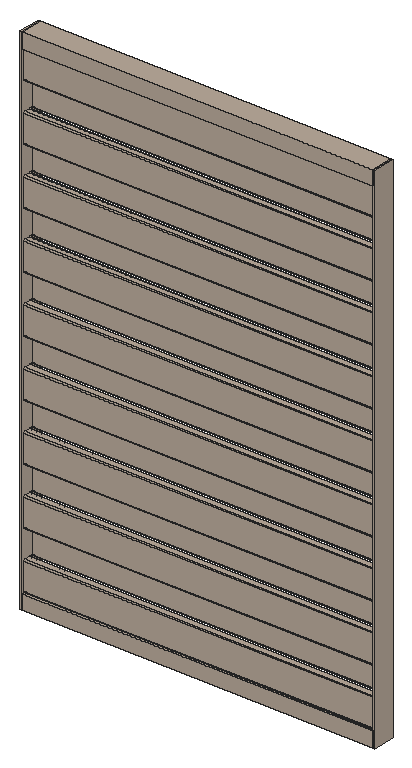
Revit family "Palmshield-Palisade-Horizon-Panel", category Specialty Equipment, Revit 2026
Family settings
  Round Connector Dimension = Use Diameter
  Part Type = Normal
  Classification Number = 23.55.00.00
  Work Plane-Based = No
  Enable Cutting in Views = No
  Always vertical = No
  Cut with Voids When Loaded = No
  Maintain Annotation Orientation = No
  Shared = No
  Room Calculation Point = No
Parameters (values of type "Assembly")
  Width [instance] = if(Desired Overall Width < C Min Width, C Min Width, if(Desired Overall Width > C Max Width, C Max Width, Desired Overall Width))  # 4' - 0"
  Warranty URL = "https://palmshieldlouvers.com/wp-content/uploads/2020/01/PalmSHIELD-Warranty-NO-SIGN-LINE.pdf"
  Version = "2020 - v1.0a"  # constant formula
  URL = "https://palmshieldlouvers.com/"
  Product Page URL = "https://palmshieldlouvers.com/products/palisade-horizon/"
  Product Documentation Link = "https://palmshieldlouvers.com/wp-content/uploads/2022/01/Palisade-Horizon-Industrial-Alternating-Technical-Data-Sheet.pdf"
  Offset From Surface = 0' - 2"  # constant formula
  Model = "Palisade Horizon"  # constant formula
  Material = Metal - PalmSHIELD - Dusty Grey
  Manufacturer Phone Number = "531-329-4406 "  # constant formula
  Manufacturer Email = "mailto: info@palmshieldlouvers.com"
  Manufacturer Address = "12330 Cary Circle, La Vista, NE 68128"  # constant formula
  Manufacturer = "PalmSHIELD"  # constant formula
  Louver Finish = Metal - PalmSHIELD - Grey Beige
  Keynote = "05 10 00"
  Instruction Sheet Link = "http://palmshieldlouvers.com/wp-content/uploads/2020/01/PalmSHIELD-Post-Panel-Gate-Installation-Instructions-REV-1.pdf"
  ID [instance] = "Not Assigned"
  Height [instance] = if(Desired Overall Height < C Min Height, C Min Height, if(Desired Overall Height > C Max Height, C Max Height, Desired Overall Height))  # 6' - 0"
  Desired Overall Width [instance] = 4' - 0"
  Desired Overall Height [instance] = 6' - 0"
  C Desired Bottom Angle [instance] = 0.00°  # constant formula
  Description = "Palisade Horizon - Panel Assembly"  # constant formula
  Default Elevation = 0' - 0"
  Copyright = "Copyright ©2024 The American Fence Company and PalmSHIELD. All Rights Reserved."  # constant formula
  Component Vis [instance] = yes
  Component Name [instance] = "Palisade Horizon - Panel Assembly"  # constant formula
  C Min Width [instance] = 4' - 0"  # constant formula
  C Min Height [instance] = C Min Width  # 4' - 0"
  C Max Width [instance] = 5' - 0"  # constant formula
  C Max Height [instance] = 12' - 0"  # constant formula
  C Angle [instance] = if(C Desired Bottom Angle > 10.00°, 10.00°, if(C Desired Bottom Angle < -10.00°, -10.00°, C Desired Bottom Angle))  # 0.00°
  Assembly Code = "F1020100"
Reference planes (in)
  plane 1 "Center (Front/Back)": y = 0
  plane 2: z = 0
  plane 3 "Center (Left/Right)": x = 0
  plane 4: z = 72
  plane 5: x = 48
  plane 6: y = 3
  plane 7: y = 1.5
Lines and regions (in)
  reference lines
    curve 1: line (48, 0, 96.95698) -> (48, 0, -11)
    curve 2: line (-20.8931, 0, 72) -> (71.1069, 0, 72)
Dimensions and locks (in)
  "Desired Overall Height": curve 2 to level
  "Desired Overall Width": curve 1 to plane 3 "Center (Left/Right)"
  "Height": plane 4 to level
  "Width": plane 5 to plane 3 "Center (Left/Right)"
  equal spacing: plane 1 "Center (Front/Back)", plane 7, plane 6
  aligned and locked: plane 2 to level
Automatic sketch dimensions
  curve 2 to plane 3 "Center (Left/Right)" = 1' - 8.8931"
  plane 5 to curve 2 = 1' - 11.1069"
  curve 1 to level = 0' - 11"
  plane 4 to curve 1 = 2' - 0.95698"
Nested families (in)
  nested 1: "Panel-Palmshield-Assembly-Palisade-Horizon" at (0, 0, 0), Desired Overall Height <- "Desired Overall Height", Desired Overall Width <- "Desired Overall Width", ID <- "ID", Component Vis <- "Component Vis", type "Assembly"
    with Width 4' - 0", Louver Length 3' - 11 1/4", ID "Not Assigned", Height 6' - 0", Desired Overall Width 4' - 0", Desired Overall Height 6' - 0", Desired Bottom Angle 0.00°, Component Vis yes, Component Name "Palisade Horizon - Panel Assembly", C Top Post Length 4' - 0", C Straight Corner Angle 45.00°, C Slope Angle 0.00°, C Side Frame Width 0' - 0 7/8", C Side Adjustment 0' - 0", C Rib Thickness Bottom Offset 0' - 0", C Rib Bottom Side Offset 0' - 0", C Picket Width 3' - 11 1/2", C Picket Height 5' - 6", C Louver Offset 0' - 2", C Hip 4' - 0", C Frame Offset 0' - 0 3/8", C Corner Offset 0' - 3", C B-Side Post Length 6' - 0", C B-Side Angle 45.00°, C Angle 90.00°, C A-Side Post Length 6' - 0", C A-Side Angle 45.00°
  nested 2: "Nested-Cont_Alum-Palmshield-Palisade" at (0, 0, 72) x (0, 1, 0) z (1, 0, 0), type "CONT. ALUM FB 1/4" X 3""
    with Material Metal - PalmSHIELD - Grey Beige, Length 5' - 10", ID "Not Assigned", Component Name "Atlas - Left L-Frame"
  nested 3: "Nested-Cont_Alum-Palmshield-Palisade" at (48, 0, 2) x (0, 1, 0) z (-1, 0, 0), type "CONT. ALUM FB 1/4" X 3""
    with Material Metal - PalmSHIELD - Grey Beige, Length 5' - 10", ID "Not Assigned", Component Name "Atlas - Right L-Frame"
  nested 4: "Nested-Rect_Tube-Palmshield-Palisade" at (0.25, 3, 72) x (0, -1, 0) z (1, 0, 0), type "ALUM RECT TUBE 2" X 3" X 1/8""
    with Material Metal - PalmSHIELD - Grey Beige, Length 3' - 11 1/2", ID "", Component Name ""
  nested 5: "Nested-Rect_Tube-Palmshield-Palisade" at (0.25, 3, 4) x (0, -1, 0) z (1, 0, 0), type "ALUM RECT TUBE 2" X 3" X 1/8""
    with Material Metal - PalmSHIELD - Grey Beige, Length 3' - 11 1/2", ID "", Component Name ""
  nested 6: "Nested-Pickets-Palmshield-Palisade" at (47.75, 2.62221, 62.125) x (0, -1, 0) z (-1, 0, 0), type "ALUM RECT TUBE PICKETS 1" X 4" X 1/8""
    with Real Height 0' - 4", Material Metal - PalmSHIELD - Grey Beige, Length 3' - 11 1/2", ID "", Height 0' - 4", Desired Cut In Place 0' - 0 1/2", Cut In Place no, Component Vis yes, Component Name "", C Hole Offset 0' - 1 1/2"
  nested 7: "Nested-Pickets-Palmshield-Palisade" at (47.75, 1.24721, 58.25) x (0, -1, 0) z (-1, 0, 0), type "ALUM RECT TUBE PICKETS 1" X 4" X 1/8""
    with Real Height 0' - 4", Material Metal - PalmSHIELD - Grey Beige, Length 3' - 11 1/2", ID "", Height 0' - 4", Desired Cut In Place 0' - 0 1/2", Cut In Place no, Component Vis yes, Component Name "", C Hole Offset 0' - 1 1/2"
  nested 8: "Nested-Pickets-Palmshield-Palisade" at (47.75, 1.24721, 35) x (0, -1, 0) z (-1, 0, 0), type "ALUM RECT TUBE PICKETS 1" X 4" X 1/8""
    with Real Height 0' - 4", Material Metal - PalmSHIELD - Grey Beige, Length 3' - 11 1/2", ID "", Height 0' - 4", Desired Cut In Place 0' - 0 1/2", Cut In Place no, Component Vis yes, Component Name "", C Hole Offset 0' - 1 1/2"
  nested 9: "Nested-Pickets-Palmshield-Palisade" at (47.75, 2.62221, 38.875) x (0, -1, 0) z (-1, 0, 0), type "ALUM RECT TUBE PICKETS 1" X 4" X 1/8""
    with Real Height 0' - 4", Material Metal - PalmSHIELD - Grey Beige, Length 3' - 11 1/2", ID "", Height 0' - 4", Desired Cut In Place 0' - 0 1/2", Cut In Place no, Component Vis yes, Component Name "", C Hole Offset 0' - 1 1/2"
  nested 10: "Nested-Pickets-Palmshield-Palisade" at (47.75, 2.62221, 31.125) x (0, -1, 0) z (-1, 0, 0), type "ALUM RECT TUBE PICKETS 1" X 4" X 1/8""
    with Real Height 0' - 4", Material Metal - PalmSHIELD - Grey Beige, Length 3' - 11 1/2", ID "", Height 0' - 4", Desired Cut In Place 0' - 0 1/2", Cut In Place no, Component Vis yes, Component Name "", C Hole Offset 0' - 1 1/2"
  nested 11: "Nested-Pickets-Palmshield-Palisade" at (47.75, 1.24721, 27.25) x (0, -1, 0) z (-1, 0, 0), type "ALUM RECT TUBE PICKETS 1" X 4" X 1/8""
    with Real Height 0' - 4", Material Metal - PalmSHIELD - Grey Beige, Length 3' - 11 1/2", ID "", Height 0' - 4", Desired Cut In Place 0' - 0 1/2", Cut In Place no, Component Vis yes, Component Name "", C Hole Offset 0' - 1 1/2"
  nested 12: "Nested-Pickets-Palmshield-Palisade" at (47.75, 2.62221, 23.375) x (0, -1, 0) z (-1, 0, 0), type "ALUM RECT TUBE PICKETS 1" X 4" X 1/8""
    with Real Height 0' - 4", Material Metal - PalmSHIELD - Grey Beige, Length 3' - 11 1/2", ID "", Height 0' - 4", Desired Cut In Place 0' - 0 1/2", Cut In Place no, Component Vis yes, Component Name "", C Hole Offset 0' - 1 1/2"
  nested 13: "Nested-Pickets-Palmshield-Palisade" at (47.75, 1.24721, 19.5) x (0, -1, 0) z (-1, 0, 0), type "ALUM RECT TUBE PICKETS 1" X 4" X 1/8""
    with Real Height 0' - 4", Material Metal - PalmSHIELD - Grey Beige, Length 3' - 11 1/2", ID "", Height 0' - 4", Desired Cut In Place 0' - 0 1/2", Cut In Place no, Component Vis yes, Component Name "", C Hole Offset 0' - 1 1/2"
  nested 14: "Nested-Pickets-Palmshield-Palisade" at (47.75, 2.62221, 15.625) x (0, -1, 0) z (-1, 0, 0), type "ALUM RECT TUBE PICKETS 1" X 4" X 1/8""
    with Real Height 0' - 4", Material Metal - PalmSHIELD - Grey Beige, Length 3' - 11 1/2", ID "", Height 0' - 4", Desired Cut In Place 0' - 0 1/2", Cut In Place no, Component Vis yes, Component Name "", C Hole Offset 0' - 1 1/2"
  nested 15: "Nested-Pickets-Palmshield-Palisade" at (47.75, 1.24721, 11.75) x (0, -1, 0) z (-1, 0, 0), type "ALUM RECT TUBE PICKETS 1" X 4" X 1/8""
    with Real Height 0' - 4", Material Metal - PalmSHIELD - Grey Beige, Length 3' - 11 1/2", ID "", Height 0' - 4", Desired Cut In Place 0' - 0 1/2", Cut In Place no, Component Vis yes, Component Name "", C Hole Offset 0' - 1 1/2"
  nested 16: "Nested-Pickets-Palmshield-Palisade" at (47.75, 2.62221, 7.875) x (0, -1, 0) z (-1, 0, 0), type "ALUM RECT TUBE PICKETS 1" X 4" X 1/8""
    with Real Height 0' - 4", Material Metal - PalmSHIELD - Grey Beige, Length 3' - 11 1/2", ID "", Height 0' - 4", Desired Cut In Place 0' - 0 1/2", Cut In Place no, Component Vis yes, Component Name "", C Hole Offset 0' - 1 1/2"
  nested 17: "Nested-Pickets-Palmshield-Palisade" at (47.75, 1.24721, 4) x (0, -1, 0) z (-1, 0, 0), type "ALUM RECT TUBE PICKETS 1" X 4" X 1/8""
    with Real Height 0' - 4", Material Metal - PalmSHIELD - Grey Beige, Length 3' - 11 1/2", ID "", Height 0' - 4", Desired Cut In Place 0' - 4", Cut In Place yes, Component Vis yes, Component Name "", C Hole Offset 0' - 1 1/2"
  nested 18: "Nested-Pickets-Palmshield-Palisade" at (47.75, 1.24721, 50.5) x (0, -1, 0) z (-1, 0, 0), type "ALUM RECT TUBE PICKETS 1" X 4" X 1/8""
    with Real Height 0' - 4", Material Metal - PalmSHIELD - Grey Beige, Length 3' - 11 1/2", ID "", Height 0' - 4", Desired Cut In Place 0' - 0 1/2", Cut In Place no, Component Vis yes, Component Name "", C Hole Offset 0' - 1 1/2"
  nested 19: "Nested-Pickets-Palmshield-Palisade" at (47.75, 2.62221, 46.625) x (0, -1, 0) z (-1, 0, 0), type "ALUM RECT TUBE PICKETS 1" X 4" X 1/8""
    with Real Height 0' - 4", Material Metal - PalmSHIELD - Grey Beige, Length 3' - 11 1/2", ID "", Height 0' - 4", Desired Cut In Place 0' - 0 1/2", Cut In Place no, Component Vis yes, Component Name "", C Hole Offset 0' - 1 1/2"
  nested 20: "Nested-Pickets-Palmshield-Palisade" at (47.75, 1.24721, 42.75) x (0, -1, 0) z (-1, 0, 0), type "ALUM RECT TUBE PICKETS 1" X 4" X 1/8""
    with Real Height 0' - 4", Material Metal - PalmSHIELD - Grey Beige, Length 3' - 11 1/2", ID "", Height 0' - 4", Desired Cut In Place 0' - 0 1/2", Cut In Place no, Component Vis yes, Component Name "", C Hole Offset 0' - 1 1/2"
  nested 21: "Nested-Pickets-Palmshield-Palisade" at (47.75, 2.62221, 54.375) x (0, -1, 0) z (-1, 0, 0), type "ALUM RECT TUBE PICKETS 1" X 4" X 1/8""
    with Real Height 0' - 4", Material Metal - PalmSHIELD - Grey Beige, Length 3' - 11 1/2", ID "", Height 0' - 4", Desired Cut In Place 0' - 0 1/2", Cut In Place no, Component Vis yes, Component Name "", C Hole Offset 0' - 1 1/2"
  nested 22: "Nested-Pickets-Palmshield-Palisade" at (47.75, 1.24721, 70) x (0, -1, 0) z (-1, 0, 0), type "ALUM RECT TUBE PICKETS 1" X 4" X 1/8""
    with Real Height 0' - 4", Material Metal - PalmSHIELD - Grey Beige, Length 3' - 11 1/2", ID "", Height 0' - 4", Desired Cut In Place 0' - 4", Cut In Place yes, Component Vis yes, Component Name "", C Hole Offset 0' - 1 1/2"
Definition of nested family "Nested-Cont_Alum-Palmshield-Palisade"
  Parameters (values of type "CONT. ALUM FB 1/4" X 3"")
    Width = 0' - 3"  # constant formula
    Warranty URL = "https://palmshieldlouvers.com/wp-content/uploads/2020/01/PalmSHIELD-Warranty-NO-SIGN-LINE.pdf"
    Version = "2020 - v1.0a"  # constant formula
    URL = "https://palmshieldlouvers.com/"
    Thickness = 0' - 0 1/4"  # constant formula
    Product Page URL = "https://palmshieldlouvers.com/products/palisade-louvers/"
    Product Documentation Link = "https://palmshieldlouvers.com/cad-drawings/palisade-louvers/"
    Model = "Palisade"  # constant formula
    Material [instance] = none
    Manufacturer Phone Number = "531-329-4406 "  # constant formula
    Manufacturer Fax Number = "Consult Manufacturer Website for More Information"  # constant formula
    Manufacturer Email = "mailto: info@palmshieldlouvers.com"
    Manufacturer Address = "12330 Cary Circle, La Vista, NE 68128"  # constant formula
    Manufacturer = "PalmSHIELD"  # constant formula
    Length [instance] = 4' - 4.86713"
    Keynote = "05 10 00"
    ID [instance] = ""
    Height = 0' - 0 1/4"  # constant formula
    Description = "Palisade - Cont Alum"  # constant formula
    Default Elevation = 4' - 0"
    Copyright = "©2023 The American Fence Company and PalmSHIELD. All Rights Reserved."  # constant formula
    Component Name [instance] = ""
    Assembly Code = "F1020100"
  Reference planes (in)
    plane 1 "Center (Front/Back)": y = 0
    plane 2: z = 0
    plane 3 "Center (Left/Right)": x = 0
    plane 4: x = 3
    plane 5: y = -52.86713
    plane 6: z = 0.25
  Forms (in)
    Extrusion 1, solid
      sketch origin (0, 0, 0) x (1, 0, 0) y (0, 1, 0)
        loop
          line (-48, 48) -> (-48, -48) -> (48, -48) -> (48, 48) -> (-48, 48)
      from 0 to -12
    Sweep 2, solid, material <- "Material"
      path origin (0, 0, 0) x (0, 1, 0) y (0, 0, 1)
        loop
          line (0, 0) -> (-52.86713, 0)
      profile "Profile-Palmshield-Cont_Alum : CONT. ALUM FB 1/4" X 3"" origin (0, -26.43357, 0) x (0, 0, -1) y (1, 0, 0)
        loop
          line (0, 0) -> (0, 3) -> (-0.25, 3) -> (-0.25, 0) -> (0, 0)
  Dimensions and locks (in)
    "Width": plane 3 "Center (Left/Right)" to plane 4
    "Length": plane 1 "Center (Front/Back)" to plane 5
    "Height": plane 6 to plane 2
    aligned and locked: plane 2 to Extrusion 1
    aligned and locked: level to Extrusion 1
    aligned and locked: plane 1 "Center (Front/Back)" to Sweep 2 sketch curve
    aligned and locked: plane 5 to Sweep 2 sketch curve
  Automatic sketch dimensions
    Extrusion 1 sketch curve to Extrusion 1 sketch curve = 8' - 0"  (x2)
    Sweep 2 sketch curve to level = 0' - 0"
Definition of nested family "Nested-Rect_Tube-Palmshield-Palisade"
  Parameters (values of type "ALUM RECT TUBE 2" X 3" X 1/8"")
    Width = 0' - 3"  # constant formula
    Warranty URL = "https://palmshieldlouvers.com/wp-content/uploads/2020/01/PalmSHIELD-Warranty-NO-SIGN-LINE.pdf"
    Version = "2020 - v1.0a"  # constant formula
    URL = "https://palmshieldlouvers.com/"
    Thickness = 0' - 0 1/8"  # constant formula
    Product Page URL = "https://palmshieldlouvers.com/products/palisade-louvers/"
    Product Documentation Link = "https://palmshieldlouvers.com/cad-drawings/palisade-louvers/"
    Model = "Palisade"  # constant formula
    Material [instance] = none
    Manufacturer Phone Number = "531-329-4406 "  # constant formula
    Manufacturer Fax Number = "Consult Manufacturer Website for More Information"  # constant formula
    Manufacturer Email = "mailto: info@palmshieldlouvers.com"
    Manufacturer Address = "12330 Cary Circle, La Vista, NE 68128"  # constant formula
    Manufacturer = "PalmSHIELD"  # constant formula
    Length [instance] = 4' - 4.86713"
    Keynote = "05 10 00"
    ID [instance] = ""
    Height = 0' - 2"  # constant formula
    Description = "Palisade - Rect Tube"  # constant formula
    Default Elevation = 4' - 0"
    Copyright = "©2023 The American Fence Company and PalmSHIELD. All Rights Reserved."  # constant formula
    Component Name [instance] = ""
    C Hole Offset = 0' - 1 1/2"  # constant formula
    Assembly Code = "F1020100"
  Reference planes (in)
    plane 1 "Center (Front/Back)": y = 0
    plane 2: z = 0
    plane 3 "Center (Left/Right)": x = 0
    plane 4: z = 52.86713
    plane 5: y = 2
    plane 6: x = 3
    plane 7: x = 1.5
    plane 8: y = 1
  Forms (in)
    Extrusion 1, solid
      sketch origin (0, 0, 0) x (1, 0, 0) y (0, 1, 0)
        loop
          line (-48, 48) -> (-48, -48) -> (48, -48) -> (48, 48) -> (-48, 48)
      from 0 to -12
    Sweep 2, solid, material <- "Material"
      path origin (0, 0, 0) x (0, 1, 0) y (0, 0, 1)
        loop
          line (0, 0) -> (0, 52.86713)
      profile "Profile-Palmshield-Rect_Tube : ALUM RECT TUBE 2" X 3" X 1/8"" origin (0, 0, 26.43357) x (0, -1, 0) y (1, 0, 0)
        loop
          line (-1.875, 0.125) -> (-0.125, 0.125) -> (-0.125, 2.875) -> (-1.875, 2.875) -> (-1.875, 0.125)
        loop
          line (0, 0) -> (0, 3) -> (-2, 3) -> (-2, 0) -> (0, 0)
  Dimensions and locks (in)
    "Length": plane 4 to plane 2
    "Height": plane 5 to plane 1 "Center (Front/Back)"
    "Width": plane 3 "Center (Left/Right)" to plane 6
    equal spacing: plane 3 "Center (Left/Right)", plane 7, plane 6
    equal spacing: plane 1 "Center (Front/Back)", plane 8, plane 5
    aligned and locked: plane 2 to Extrusion 1
    aligned and locked: level to Extrusion 1
    aligned and locked: plane 1 "Center (Front/Back)" to Sweep 2 sketch curve
    aligned and locked: plane 4 to Sweep 2 sketch curve
  Automatic sketch dimensions
    Extrusion 1 sketch curve to Extrusion 1 sketch curve = 8' - 0"  (x2)
    Sweep 2 sketch curve to level = 0' - 0"
Definition of nested family "Nested-Pickets-Palmshield-Palisade"
  Parameters (values of type "ALUM RECT TUBE PICKETS 1" X 4" X 1/8"")
    Width = 0' - 1"  # constant formula
    Warranty URL = "https://palmshieldlouvers.com/wp-content/uploads/2020/01/PalmSHIELD-Warranty-NO-SIGN-LINE.pdf"
    Version = "2020 - v1.0a"  # constant formula
    URL = "https://palmshieldlouvers.com/"
    Thickness = 0' - 0 1/8"  # constant formula
    Product Page URL = "https://palmshieldlouvers.com/products/palisade-louvers/"
    Product Documentation Link = "https://palmshieldlouvers.com/cad-drawings/palisade-louvers/"
    Model = "Palisade"  # constant formula
    Material [instance] = none
    Manufacturer Phone Number = "531-329-4406 "  # constant formula
    Manufacturer Fax Number = "Consult Manufacturer Website for More Information"  # constant formula
    Manufacturer Email = "mailto: info@palmshieldlouvers.com"
    Manufacturer Address = "12330 Cary Circle, La Vista, NE 68128"  # constant formula
    Manufacturer = "PalmSHIELD"  # constant formula
    Length [instance] = 4' - 4.86713"
    Keynote = "05 10 00"
    ID [instance] = ""
    Height [instance] = Real Height  # 0' - 4"
    Desired Cut In Place [instance] = 0' - 2"
    Description = "Palisade - Pickets"  # constant formula
    Default Elevation = 4' - 0"
    Cut In Place [instance] = no
    Copyright = "©2023 The American Fence Company and PalmSHIELD. All Rights Reserved."  # constant formula
    Component Vis [instance] = yes
    Component Name [instance] = ""
    Real Height [instance] = if(and(Cut In Place, Desired Cut In Place < 0' 4", Desired Cut In Place > Thickness), Desired Cut In Place, 0' 4")  # 0' - 4"
    C Hole Offset [instance] = 0' - 1 1/2"  # constant formula
    Assembly Code = "F1020100"
  Reference planes (in)
    plane 1 "Center (Front/Back)": y = 0
    plane 2: z = 0
    plane 3 "Center (Left/Right)": x = 0
    plane 4: z = 52.86713
    plane 5: y = 4
    plane 6: x = 1
    plane 7: x = 0.5
    plane 8: y = 0
    plane 9: y = 2
  Forms (in)
    Extrusion 1, solid
      sketch origin (0, 0, 0) x (1, 0, 0) y (0, 1, 0)
        loop
          line (-48, 48) -> (-48, -48) -> (48, -48) -> (48, 48) -> (-48, 48)
      from 0 to -12
    Sweep 2, solid, material <- "Material", visible <- "Component Vis"
      path origin (0, 0, 0) x (0, 1, 0) y (0, 0, 1)
        loop
          line (0, 0) -> (0, 52.86713)
      profile "Profile-Palmshield-Louver : ALUM RECT TUBE PICKETS 1" X 4" X 1/8"" origin (0, 0, 26.43357) x (0, -1, 0) y (1, 0, 0)
        loop
          line (-3.875, 0.875) -> (-3.875, 0.125) -> (-0.125, 0.125) -> (-0.125, 0.875) -> (-3.875, 0.875)
        loop
          line (-0.125, 1) -> (-3.875, 1)
          arc (-3.875, 1) -> (-3.96339, 0.96339) -> (-4, 0.875) r 0.125
          line (-4, 0.875) -> (-4, 0.125)
          arc (-4, 0.125) -> (-3.96339, 0.03661) -> (-3.875, 0) r 0.125
          line (-3.875, 0) -> (-0.125, 0)
          arc (-0.125, 0) -> (-0.03661, 0.03661) -> (0, 0.125) r 0.125
          line (0, 0.125) -> (0, 0.875)
          arc (0, 0.875) -> (-0.03661, 0.96339) -> (-0.125, 1) r 0.125
    Extrusion 3, void
      sketch origin (0, 0, 0) x (1, 0, 0) y (0, 1, 0)
        loop
          line (1, -0.92114) -> (1, 0) -> (0, 0) -> (0, -0.92114) -> (1, -0.92114)
      from 0 to 52.86713
  Cuts and joins
    Extrusion 3 cuts Sweep 2
  Dimensions and locks (in)
    "Length": plane 4 to plane 2
    "Width": plane 3 "Center (Left/Right)" to plane 6
    equal spacing: plane 3 "Center (Left/Right)", plane 7, plane 6
    locked: Extrusion 3 sketch curve to plane 1 "Center (Front/Back)" at 0.92114
    locked: plane 1 "Center (Front/Back)" to plane 5 at 4
    "Real Height": plane 8 to plane 5
    locked: plane 9 to plane 5 at 2
    aligned and locked: plane 2 to Extrusion 1
    aligned and locked: level to Extrusion 1
    aligned and locked: plane 1 "Center (Front/Back)" to Sweep 2 sketch curve
    aligned and locked: plane 4 to Sweep 2 sketch curve
    aligned and locked: plane 6 to Extrusion 3 sketch curve
    aligned and locked: plane 3 "Center (Left/Right)" to Extrusion 3 sketch curve
    aligned and locked: Extrusion 3 to level
    aligned and locked: plane 4 to Extrusion 3
    aligned and locked: Extrusion 3 sketch curve to plane 8
  Automatic sketch dimensions
    Extrusion 1 sketch curve to Extrusion 1 sketch curve = 8' - 0"  (x2)
    Sweep 2 sketch curve to level = 0' - 0"
Definition of nested family "Panel-Palmshield-Assembly-Palisade-Horizon"
  Parameters (values of type "Assembly")
    Width [instance] = if(Desired Overall Width < 4' 0", 4' 0", if(Desired Overall Width > 5' 0", 5' 0", Desired Overall Width))  # 4' - 0"
    Warranty URL = "https://palmshieldlouvers.com/wp-content/uploads/2020/01/PalmSHIELD-Warranty-NO-SIGN-LINE.pdf"
    Version = "2020 - v1.0a"  # constant formula
    URL = "https://palmshieldlouvers.com/"
    Offset From Surface = 0' - 2"  # constant formula
    Material = none
    Product Page URL = "https://palmshieldlouvers.com/products/augustus-solid/"
    Product Documentation Link = "https://palmshieldlouvers.com/wp-content/uploads/2020/05/PalmSHIELD-Solid-Composite-Technical-Data-Sheet.pdf"
    Model = "Palisade Horizon - Post Assembly"  # constant formula
    Manufacturer Phone Number = "531-329-4406 "  # constant formula
    Manufacturer Fax Number = "Consult Manufacturer Website for More Information"  # constant formula
    Manufacturer Email = "mailto: info@palmshieldlouvers.com"
    Manufacturer Address = "12330 Cary Circle, La Vista, NE 68128"  # constant formula
    Manufacturer = "PalmSHIELD"  # constant formula
    Louver Length [instance] = Width - 2 * C Side Frame Width + 0' 1"  # 3' - 11 1/4"
    Keynote = "05 10 00"
    ID [instance] = "Not Assigned"
    Height [instance] = if(Desired Overall Height < 4' 0", 4' 0", if(Desired Overall Height > 12' 0", 12' 0", Desired Overall Height))  # 6' - 7 3/16"
    Frame Width = 0' - 3"  # constant formula
    Frame Thickness = 0' - 0 1/4"  # constant formula
    Desired Overall Width [instance] = 4' - 0"
    Desired Overall Height [instance] = 6' - 7 3/16"
    Description = "Palisade Horizon - Panel Assembly"  # constant formula
    Default Elevation = 0' - 0"
    Copyright = "©2023 The American Fence Company and PalmSHIELD. All Rights Reserved."  # constant formula
    Component Vis [instance] = yes
    Component Name [instance] = "Palisade Horizon - Panel Assembly"  # constant formula
    C Top Post Length [instance] = Width  # 4' - 0"
    C Top Offset = 0' - 2"  # constant formula
    C Straight Corner Angle [instance] = 45.00°  # constant formula
    C Slope Angle [instance] = if(Desired Bottom Angle < -25.00°, 25.00°, if(Desired Bottom Angle > 25.00°, 25.00°, Desired Bottom Angle))  # 0.00°
    C Side Frame Width [instance] = 0' - 0 7/8"  # constant formula
    C Rib Thickness Bottom Offset [instance] = 0' - 0"  # constant formula
    C Rib Bottom Side Offset [instance] = if(C Slope Angle < 0.00°, -Frame Thickness * sin(C Slope Angle), Frame Thickness * sin(C Slope Angle))  # 0' - 0"
    C Picket Width [instance] = Width - (Frame Thickness * 2)  # 3' - 11 1/2"
    C Picket Height [instance] = Height - Offset From Surface - (C Top Offset * 2)  # 6' - 1 3/16"
    C Louver Offset [instance] = if(C Side Adjustment < 0' 0", -C Side Adjustment + (C Top Offset / sin([C A-Side Angle])) * cos([C A-Side Angle]), C Top Offset)  # 0' - 2"
    C Hip [instance] = Width / cos(C Slope Angle)  # 4' - 0"
    C Side Adjustment [instance] = -C Hip * sin(C Slope Angle)  # 0' - 0"
    C Frame Offset [instance] = C Side Frame Width - 0' 0 1/2"  # 0' - 0 3/8"
    C Corner Offset [instance] = if(C Slope Angle > 0.00°, C Top Offset / sin([C A-Side Angle]) * cos([C A-Side Angle]), if(C Slope Angle < 0.00°, C Top Offset / sin([C A-Side Angle]) * cos([C A-Side Angle]), 0' 3"))  # 0' - 3"
    C B-Side Post Length [instance] = Height + C Side Adjustment  # 6' - 7 3/16"
    C B-Side Angle [instance] = (90.00° - C Slope Angle) / 2  # 45.00°
    C Angle [instance] = if(Desired Bottom Angle < -25.00°, 90.00° - 25.00°, if(Desired Bottom Angle > 25.00°, 90.00° + 25.00°, 90.00° - Desired Bottom Angle))  # 90.00°
    Desired Bottom Angle [instance] = 0.00°  # constant formula
    C A-Side Post Length [instance] = Height  # 6' - 7 3/16"
    C A-Side Angle [instance] = (90.00° + C Slope Angle) / 2  # 45.00°
    Assembly Code = "F1020100"
  Reference planes (in)
    plane 1 "Center (Front/Back)": y = 0
    plane 2: z = 0
    plane 3 "Side A": x = 0
    plane 4 "Top": z = 79.1875
    plane 5 "Side B": x = 48
    plane 6: z = 2
    plane 7: z = 4
    plane 8: x = 0.25
    plane 9: x = 47.75
    plane 10: z = 2
    plane 11: x = 16
    plane 12: x = 32
    plane 13: y = 3
    plane 14: z = 77.1875
    plane 15: z = 1
    plane 16: z = 2
    plane 17: x = 0
    plane 18: x = 15.625
    plane 19: x = 31.625
    plane 20: x = 0.375
    plane 21: y = 1.5
    plane 22: z = 40.59375
    plane 23: y = 0.875
    plane 24: y = 2.125
  Forms (in)
    Extrusion 1, solid
      sketch origin (0, 0, 0) x (1, 0, 0) y (0, 1, 0)
        loop
          line (-48, 48) -> (-48, -48) -> (48, -48) -> (48, 48) -> (-48, 48)
      from 0 to -12
  Lines and regions (in)
    reference lines
      curve 1: line (0, 0, 2) -> (84, 0, 2)
      curve 2: line (0, 0, 2) -> (81.25, 0, 2)
      curve 3: line (15.625, 0, 2) -> (26.375, 0, 2)
      curve 4: line (31.625, 0, 2) -> (41.625, 0, 2)
      curve 5: line (-31.7611, 0, 79.1875) -> (64.92065, 0, 79.1875)
      curve 6: line (48, 0, 102.41024) -> (48, 0, -16.9059)
      curve 7: line (48, 0, 2) -> (53.25, 0, 2)
  Dimensions and locks (in)
    "Width": plane 5 "Side B" to plane 3 "Side A"
    "Offset From Surface": plane 6 to Extrusion 1
    "C Louver Offset": plane 7 to plane 6
    "Frame Thickness": plane 8 to plane 3 "Side A"
    "Frame Thickness": plane 5 "Side B" to plane 9
    "C Top Offset": plane 7 to plane 10
    equal spacing: plane 3 "Side A", plane 11, plane 12, plane 5 "Side B"
    "C Top Offset": plane 4 "Top" to plane 14
    "C Corner Offset": plane 7 to plane 15
    "C Rib Thickness Bottom Offset": plane 16 to plane 6
    "C Rib Bottom Side Offset": plane 3 "Side A" to plane 17
    locked: plane 11 to plane 18 at 0.375
    locked: plane 12 to plane 19 at 0.375
    "Desired Overall Width": curve 6 to plane 3 "Side A"
    "C Frame Offset": plane 20 to plane 3 "Side A"
    equal spacing: plane 1 "Center (Front/Back)", plane 21, plane 13
    equal spacing: plane 4 "Top", plane 22, plane 6
    "Frame Width": plane 13 to plane 1 "Center (Front/Back)"
    "Height": plane 4 "Top" to plane 2
    "Desired Overall Height": curve 5 to plane 2
    "C Angle": angle curve 1 to plane 3 "Side A"
    "C Angle": angle curve 2 to plane 17
    locked: curve 3 to plane 18 (angle 90.00°)
    locked: curve 4 to plane 19 (angle 90.00°)
    locked: curve 7 to plane 5 "Side B" (angle 90.00°)
    aligned and locked: plane 2 to Extrusion 1
    aligned and locked: level to Extrusion 1
    aligned and locked: plane 6 to curve 1
    aligned and locked: plane 3 "Side A" to curve 1
    aligned and locked: nested 1 to plane 4 "Top"
    aligned and locked: nested 1 to plane 1 "Center (Front/Back)"
    aligned and locked: nested 2 to plane 1 "Center (Front/Back)"
    aligned and locked: plane 17 to curve 2
    aligned and locked: plane 16 to curve 2
    aligned and locked: plane 18 to curve 3
    aligned and locked: plane 19 to curve 4
    aligned and locked: nested 1 to plane 6
    aligned and locked: plane 4 "Top" to nested 2
    aligned and locked: curve 6 to curve 7
    aligned and locked: curve 7 to nested 2
    aligned and locked: nested 3 to plane 21
    aligned and locked: nested 4 to plane 21
    aligned and locked: plane 4 "Top" to nested 3
    aligned and locked: nested 4 to plane 16
    aligned and locked: plane 9 to nested 3
    aligned and locked: plane 9 to nested 4
    aligned and locked: plane 7 to nested 5
  Automatic sketch dimensions
    Extrusion 1 sketch curve to Extrusion 1 sketch curve = 8' - 0"  (x2)
    curve 5 to plane 3 "Side A" = 2' - 7.7611"
    plane 5 "Side B" to curve 5 = 1' - 4.92065"
    curve 6 to level = 1' - 4.9059"
    plane 4 "Top" to curve 6 = 1' - 11.22274"
  Nested families (in)
    nested 1: "Nested-Cont_Alum-Palmshield-Palisade" at (0, 0, 79.1875) x (0, 1, 0) z (1, 0, 0), ID <- "ID", Material <- "Material", visible <- "Component Vis", type "CONT. ALUM FB 1/4" X 3""
      with Material none, Length 6' - 5 3/16", ID "Not Assigned", Component Name "Atlas - Left L-Frame"
    nested 2: "Nested-Cont_Alum-Palmshield-Palisade" at (48, 0, 2) x (0, 1, 0) z (-1, 0, 0), ID <- "ID", Material <- "Material", visible <- "Component Vis", type "CONT. ALUM FB 1/4" X 3""
      with Material none, Length 6' - 5 3/16", ID "Not Assigned", Component Name "Atlas - Right L-Frame"
    nested 3: "Nested-Rect_Tube-Palmshield-Palisade" at (0.25, 3, 79.1875) x (0, -1, 0) z (1, 0, 0), visible <- "Component Vis", Material <- "Material", type "ALUM RECT TUBE 2" X 3" X 1/8""
      with Material none, Length 3' - 11 1/2", ID "", Component Name ""
    nested 4: "Nested-Rect_Tube-Palmshield-Palisade" at (0.25, 3, 4) x (0, -1, 0) z (1, 0, 0), visible <- "Component Vis", Material <- "Material", type "ALUM RECT TUBE 2" X 3" X 1/8""
      with Material none, Length 3' - 11 1/2", ID "", Component Name ""
    nested 5: "Nested_Panel" at (47.75, 1.43471, 40.59375) x (0, 0, 1) z (-1, 0, 0), visible <- "Component Vis", type "Nested_Panel"
      with Number Of Internal Pickets 9, Number Of Full Pickets 17, Length 6' - 1 3/16", Interior Final Pickets no, Final Picket Width 0' - 3 23/32", Exterior Final Pickets yes, Desired Length 6' - 1 3/16"
    nested 6: "Nested-Pickets-Palmshield-Palisade" at (47.75, 2.62221, 69.59375) x (0, -1, 0) z (-1, 0, 0), type "ALUM RECT TUBE PICKETS 1" X 4" X 1/8""
      with Real Height 0' - 4", Material none, Length 3' - 11 1/2", ID "", Height 0' - 4", Desired Cut In Place 0' - 0 1/2", Cut In Place no, Component Vis yes, Component Name "", C Hole Offset 0' - 1 1/2"
    nested 7: "Nested-Pickets-Palmshield-Palisade" at (47.75, 1.24721, 65.71875) x (0, -1, 0) z (-1, 0, 0), type "ALUM RECT TUBE PICKETS 1" X 4" X 1/8""
      with Real Height 0' - 4", Material none, Length 3' - 11 1/2", ID "", Height 0' - 4", Desired Cut In Place 0' - 0 1/2", Cut In Place no, Component Vis yes, Component Name "", C Hole Offset 0' - 1 1/2"
    nested 8: "Nested-Pickets-Palmshield-Palisade" at (47.75, 1.24721, 34.71875) x (0, -1, 0) z (-1, 0, 0), type "ALUM RECT TUBE PICKETS 1" X 4" X 1/8""
      with Real Height 0' - 4", Material none, Length 3' - 11 1/2", ID "", Height 0' - 4", Desired Cut In Place 0' - 0 1/2", Cut In Place no, Component Vis yes, Component Name "", C Hole Offset 0' - 1 1/2"
    nested 9: "Nested-Pickets-Palmshield-Palisade" at (47.75, 2.62221, 38.59375) x (0, -1, 0) z (-1, 0, 0), type "ALUM RECT TUBE PICKETS 1" X 4" X 1/8""
      with Real Height 0' - 4", Material none, Length 3' - 11 1/2", ID "", Height 0' - 4", Desired Cut In Place 0' - 0 1/2", Cut In Place no, Component Vis yes, Component Name "", C Hole Offset 0' - 1 1/2"
    nested 10: "Nested-Pickets-Palmshield-Palisade" at (47.75, 2.62221, 30.84375) x (0, -1, 0) z (-1, 0, 0), type "ALUM RECT TUBE PICKETS 1" X 4" X 1/8""
      with Real Height 0' - 4", Material none, Length 3' - 11 1/2", ID "", Height 0' - 4", Desired Cut In Place 0' - 0 1/2", Cut In Place no, Component Vis yes, Component Name "", C Hole Offset 0' - 1 1/2"
    nested 11: "Nested-Pickets-Palmshield-Palisade" at (47.75, 1.24721, 26.96875) x (0, -1, 0) z (-1, 0, 0), type "ALUM RECT TUBE PICKETS 1" X 4" X 1/8""
      with Real Height 0' - 4", Material none, Length 3' - 11 1/2", ID "", Height 0' - 4", Desired Cut In Place 0' - 0 1/2", Cut In Place no, Component Vis yes, Component Name "", C Hole Offset 0' - 1 1/2"
    nested 12: "Nested-Pickets-Palmshield-Palisade" at (47.75, 2.62221, 23.09375) x (0, -1, 0) z (-1, 0, 0), type "ALUM RECT TUBE PICKETS 1" X 4" X 1/8""
      with Real Height 0' - 4", Material none, Length 3' - 11 1/2", ID "", Height 0' - 4", Desired Cut In Place 0' - 0 1/2", Cut In Place no, Component Vis yes, Component Name "", C Hole Offset 0' - 1 1/2"
    nested 13: "Nested-Pickets-Palmshield-Palisade" at (47.75, 1.24721, 19.21875) x (0, -1, 0) z (-1, 0, 0), type "ALUM RECT TUBE PICKETS 1" X 4" X 1/8""
      with Real Height 0' - 4", Material none, Length 3' - 11 1/2", ID "", Height 0' - 4", Desired Cut In Place 0' - 0 1/2", Cut In Place no, Component Vis yes, Component Name "", C Hole Offset 0' - 1 1/2"
    nested 14: "Nested-Pickets-Palmshield-Palisade" at (47.75, 2.62221, 15.34375) x (0, -1, 0) z (-1, 0, 0), type "ALUM RECT TUBE PICKETS 1" X 4" X 1/8""
      with Real Height 0' - 4", Material none, Length 3' - 11 1/2", ID "", Height 0' - 4", Desired Cut In Place 0' - 0 1/2", Cut In Place no, Component Vis yes, Component Name "", C Hole Offset 0' - 1 1/2"
    nested 15: "Nested-Pickets-Palmshield-Palisade" at (47.75, 1.24721, 11.46875) x (0, -1, 0) z (-1, 0, 0), type "ALUM RECT TUBE PICKETS 1" X 4" X 1/8""
      with Real Height 0' - 4", Material none, Length 3' - 11 1/2", ID "", Height 0' - 4", Desired Cut In Place 0' - 0 1/2", Cut In Place no, Component Vis yes, Component Name "", C Hole Offset 0' - 1 1/2"
    nested 16: "Nested-Pickets-Palmshield-Palisade" at (47.75, 2.62221, 7.59375) x (0, -1, 0) z (-1, 0, 0), type "ALUM RECT TUBE PICKETS 1" X 4" X 1/8""
      with Real Height 0' - 4", Material none, Length 3' - 11 1/2", ID "", Height 0' - 4", Desired Cut In Place 0' - 0 1/2", Cut In Place no, Component Vis yes, Component Name "", C Hole Offset 0' - 1 1/2"
    nested 17: "Nested-Pickets-Palmshield-Palisade" at (47.75, 1.24721, 3.71875) x (0, -1, 0) z (-1, 0, 0), type "ALUM RECT TUBE PICKETS 1" X 4" X 1/8""
      with Real Height 0' - 3 23/32", Material none, Length 3' - 11 1/2", ID "", Height 0' - 3 23/32", Desired Cut In Place 0' - 3 23/32", Cut In Place yes, Component Vis yes, Component Name "", C Hole Offset 0' - 1 1/2"
    nested 18: "Nested-Pickets-Palmshield-Palisade" at (47.75, 2.62221, 54.09375) x (0, -1, 0) z (-1, 0, 0), type "ALUM RECT TUBE PICKETS 1" X 4" X 1/8""
      with Real Height 0' - 4", Material none, Length 3' - 11 1/2", ID "", Height 0' - 4", Desired Cut In Place 0' - 0 1/2", Cut In Place no, Component Vis yes, Component Name "", C Hole Offset 0' - 1 1/2"
    nested 19: "Nested-Pickets-Palmshield-Palisade" at (47.75, 1.24721, 50.21875) x (0, -1, 0) z (-1, 0, 0), type "ALUM RECT TUBE PICKETS 1" X 4" X 1/8""
      with Real Height 0' - 4", Material none, Length 3' - 11 1/2", ID "", Height 0' - 4", Desired Cut In Place 0' - 0 1/2", Cut In Place no, Component Vis yes, Component Name "", C Hole Offset 0' - 1 1/2"
    nested 20: "Nested-Pickets-Palmshield-Palisade" at (47.75, 2.62221, 46.34375) x (0, -1, 0) z (-1, 0, 0), type "ALUM RECT TUBE PICKETS 1" X 4" X 1/8""
      with Real Height 0' - 4", Material none, Length 3' - 11 1/2", ID "", Height 0' - 4", Desired Cut In Place 0' - 0 1/2", Cut In Place no, Component Vis yes, Component Name "", C Hole Offset 0' - 1 1/2"
    nested 21: "Nested-Pickets-Palmshield-Palisade" at (47.75, 1.24721, 42.46875) x (0, -1, 0) z (-1, 0, 0), type "ALUM RECT TUBE PICKETS 1" X 4" X 1/8""
      with Real Height 0' - 4", Material none, Length 3' - 11 1/2", ID "", Height 0' - 4", Desired Cut In Place 0' - 0 1/2", Cut In Place no, Component Vis yes, Component Name "", C Hole Offset 0' - 1 1/2"
    nested 22: "Nested-Pickets-Palmshield-Palisade" at (47.75, 1.24721, 77.46875) x (0, -1, 0) z (-1, 0, 0), type "ALUM RECT TUBE PICKETS 1" X 4" X 1/8""
      with Real Height 0' - 3 23/32", Material none, Length 3' - 11 1/2", ID "", Height 0' - 3 23/32", Desired Cut In Place 0' - 3 23/32", Cut In Place yes, Component Vis yes, Component Name "", C Hole Offset 0' - 1 1/2"
    nested 23: "Nested-Pickets-Palmshield-Palisade" at (47.75, 1.24721, 57.96875) x (0, -1, 0) z (-1, 0, 0), type "ALUM RECT TUBE PICKETS 1" X 4" X 1/8""
      with Real Height 0' - 4", Material none, Length 3' - 11 1/2", ID "", Height 0' - 4", Desired Cut In Place 0' - 0 1/2", Cut In Place no, Component Vis yes, Component Name "", C Hole Offset 0' - 1 1/2"
    nested 24: "Nested-Pickets-Palmshield-Palisade" at (47.75, 2.62221, 61.84375) x (0, -1, 0) z (-1, 0, 0), type "ALUM RECT TUBE PICKETS 1" X 4" X 1/8""
      with Real Height 0' - 4", Material none, Length 3' - 11 1/2", ID "", Height 0' - 4", Desired Cut In Place 0' - 0 1/2", Cut In Place no, Component Vis yes, Component Name "", C Hole Offset 0' - 1 1/2"
  Definition of nested family "Nested-Cont_Alum-Palmshield-Palisade"
    Parameters (values of type "CONT. ALUM FB 1/4" X 3"")
      Width = 0' - 3"  # constant formula
      Warranty URL = "https://palmshieldlouvers.com/wp-content/uploads/2020/01/PalmSHIELD-Warranty-NO-SIGN-LINE.pdf"
      Version = "2020 - v1.0a"  # constant formula
      URL = "https://palmshieldlouvers.com/"
      Thickness = 0' - 0 1/4"  # constant formula
      Product Page URL = "https://palmshieldlouvers.com/products/palisade-louvers/"
      Product Documentation Link = "https://palmshieldlouvers.com/cad-drawings/palisade-louvers/"
      Model = "Palisade"  # constant formula
      Material [instance] = none
      Manufacturer Phone Number = "531-329-4406 "  # constant formula
      Manufacturer Fax Number = "Consult Manufacturer Website for More Information"  # constant formula
      Manufacturer Email = "mailto: info@palmshieldlouvers.com"
      Manufacturer Address = "12330 Cary Circle, La Vista, NE 68128"  # constant formula
      Manufacturer = "PalmSHIELD"  # constant formula
      Length [instance] = 4' - 4.86713"
      Keynote = "05 10 00"
      ID [instance] = ""
      Height = 0' - 0 1/4"  # constant formula
      Description = "Palisade - Cont Alum"  # constant formula
      Default Elevation = 4' - 0"
      Copyright = "©2023 The American Fence Company and PalmSHIELD. All Rights Reserved."  # constant formula
      Component Name [instance] = ""
      Assembly Code = "F1020100"
    Reference planes (in)
      plane 1 "Center (Front/Back)": y = 0
      plane 2: z = 0
      plane 3 "Center (Left/Right)": x = 0
      plane 4: x = 3
      plane 5: y = -52.86713
      plane 6: z = 0.25
    Forms (in)
      Extrusion 1, solid
        sketch origin (0, 0, 0) x (1, 0, 0) y (0, 1, 0)
          loop
            line (-48, 48) -> (-48, -48) -> (48, -48) -> (48, 48) -> (-48, 48)
        from 0 to -12
      Sweep 2, solid, material <- "Material"
        path origin (0, 0, 0) x (0, 1, 0) y (0, 0, 1)
          loop
            line (0, 0) -> (-52.86713, 0)
        profile "Profile-Palmshield-Cont_Alum : CONT. ALUM FB 1/4" X 3"" origin (0, -26.43357, 0) x (0, 0, -1) y (1, 0, 0)
          loop
            line (0, 0) -> (0, 3) -> (-0.25, 3) -> (-0.25, 0) -> (0, 0)
    Dimensions and locks (in)
      "Width": plane 3 "Center (Left/Right)" to plane 4
      "Length": plane 1 "Center (Front/Back)" to plane 5
      "Height": plane 6 to plane 2
      aligned and locked: plane 2 to Extrusion 1
      aligned and locked: level to Extrusion 1
      aligned and locked: plane 1 "Center (Front/Back)" to Sweep 2 sketch curve
      aligned and locked: plane 5 to Sweep 2 sketch curve
    Automatic sketch dimensions
      Extrusion 1 sketch curve to Extrusion 1 sketch curve = 8' - 0"  (x2)
      Sweep 2 sketch curve to level = 0' - 0"
  Definition of nested family "Nested-Rect_Tube-Palmshield-Palisade"
    Parameters (values of type "ALUM RECT TUBE 2" X 3" X 1/8"")
      Width = 0' - 3"  # constant formula
      Warranty URL = "https://palmshieldlouvers.com/wp-content/uploads/2020/01/PalmSHIELD-Warranty-NO-SIGN-LINE.pdf"
      Version = "2020 - v1.0a"  # constant formula
      URL = "https://palmshieldlouvers.com/"
      Thickness = 0' - 0 1/8"  # constant formula
      Product Page URL = "https://palmshieldlouvers.com/products/palisade-louvers/"
      Product Documentation Link = "https://palmshieldlouvers.com/cad-drawings/palisade-louvers/"
      Model = "Palisade"  # constant formula
      Material [instance] = none
      Manufacturer Phone Number = "531-329-4406 "  # constant formula
      Manufacturer Fax Number = "Consult Manufacturer Website for More Information"  # constant formula
      Manufacturer Email = "mailto: info@palmshieldlouvers.com"
      Manufacturer Address = "12330 Cary Circle, La Vista, NE 68128"  # constant formula
      Manufacturer = "PalmSHIELD"  # constant formula
      Length [instance] = 4' - 4.86713"
      Keynote = "05 10 00"
      ID [instance] = ""
      Height = 0' - 2"  # constant formula
      Description = "Palisade - Rect Tube"  # constant formula
      Default Elevation = 4' - 0"
      Copyright = "©2023 The American Fence Company and PalmSHIELD. All Rights Reserved."  # constant formula
      Component Name [instance] = ""
      C Hole Offset = 0' - 1 1/2"  # constant formula
      Assembly Code = "F1020100"
    Reference planes (in)
      plane 1 "Center (Front/Back)": y = 0
      plane 2: z = 0
      plane 3 "Center (Left/Right)": x = 0
      plane 4: z = 52.86713
      plane 5: y = 2
      plane 6: x = 3
      plane 7: x = 1.5
      plane 8: y = 1
    Forms (in)
      Extrusion 1, solid
        sketch origin (0, 0, 0) x (1, 0, 0) y (0, 1, 0)
          loop
            line (-48, 48) -> (-48, -48) -> (48, -48) -> (48, 48) -> (-48, 48)
        from 0 to -12
      Sweep 2, solid, material <- "Material"
        path origin (0, 0, 0) x (0, 1, 0) y (0, 0, 1)
          loop
            line (0, 0) -> (0, 52.86713)
        profile "Profile-Palmshield-Rect_Tube : ALUM RECT TUBE 2" X 3" X 1/8"" origin (0, 0, 26.43357) x (0, -1, 0) y (1, 0, 0)
          loop
            line (-1.875, 0.125) -> (-0.125, 0.125) -> (-0.125, 2.875) -> (-1.875, 2.875) -> (-1.875, 0.125)
          loop
            line (0, 0) -> (0, 3) -> (-2, 3) -> (-2, 0) -> (0, 0)
    Dimensions and locks (in)
      "Length": plane 4 to plane 2
      "Height": plane 5 to plane 1 "Center (Front/Back)"
      "Width": plane 3 "Center (Left/Right)" to plane 6
      equal spacing: plane 3 "Center (Left/Right)", plane 7, plane 6
      equal spacing: plane 1 "Center (Front/Back)", plane 8, plane 5
      aligned and locked: plane 2 to Extrusion 1
      aligned and locked: level to Extrusion 1
      aligned and locked: plane 1 "Center (Front/Back)" to Sweep 2 sketch curve
      aligned and locked: plane 4 to Sweep 2 sketch curve
    Automatic sketch dimensions
      Extrusion 1 sketch curve to Extrusion 1 sketch curve = 8' - 0"  (x2)
      Sweep 2 sketch curve to level = 0' - 0"
  Definition of nested family "Nested-Pickets-Palmshield-Palisade"
    Parameters (values of type "ALUM RECT TUBE PICKETS 1" X 4" X 1/8"")
      Width = 0' - 1"  # constant formula
      Warranty URL = "https://palmshieldlouvers.com/wp-content/uploads/2020/01/PalmSHIELD-Warranty-NO-SIGN-LINE.pdf"
      Version = "2020 - v1.0a"  # constant formula
      URL = "https://palmshieldlouvers.com/"
      Thickness = 0' - 0 1/8"  # constant formula
      Product Page URL = "https://palmshieldlouvers.com/products/palisade-louvers/"
      Product Documentation Link = "https://palmshieldlouvers.com/cad-drawings/palisade-louvers/"
      Model = "Palisade"  # constant formula
      Material [instance] = none
      Manufacturer Phone Number = "531-329-4406 "  # constant formula
      Manufacturer Fax Number = "Consult Manufacturer Website for More Information"  # constant formula
      Manufacturer Email = "mailto: info@palmshieldlouvers.com"
      Manufacturer Address = "12330 Cary Circle, La Vista, NE 68128"  # constant formula
      Manufacturer = "PalmSHIELD"  # constant formula
      Length [instance] = 4' - 4.86713"
      Keynote = "05 10 00"
      ID [instance] = ""
      Height [instance] = Real Height  # 0' - 4"
      Desired Cut In Place [instance] = 0' - 2"
      Description = "Palisade - Pickets"  # constant formula
      Default Elevation = 4' - 0"
      Cut In Place [instance] = no
      Copyright = "©2023 The American Fence Company and PalmSHIELD. All Rights Reserved."  # constant formula
      Component Vis [instance] = yes
      Component Name [instance] = ""
      Real Height [instance] = if(and(Cut In Place, Desired Cut In Place < 0' 4", Desired Cut In Place > Thickness), Desired Cut In Place, 0' 4")  # 0' - 4"
      C Hole Offset [instance] = 0' - 1 1/2"  # constant formula
      Assembly Code = "F1020100"
    Reference planes (in)
      plane 1 "Center (Front/Back)": y = 0
      plane 2: z = 0
      plane 3 "Center (Left/Right)": x = 0
      plane 4: z = 52.86713
      plane 5: y = 4
      plane 6: x = 1
      plane 7: x = 0.5
      plane 8: y = 0
      plane 9: y = 2
    Forms (in)
      Extrusion 1, solid
        sketch origin (0, 0, 0) x (1, 0, 0) y (0, 1, 0)
          loop
            line (-48, 48) -> (-48, -48) -> (48, -48) -> (48, 48) -> (-48, 48)
        from 0 to -12
      Sweep 2, solid, material <- "Material", visible <- "Component Vis"
        path origin (0, 0, 0) x (0, 1, 0) y (0, 0, 1)
          loop
            line (0, 0) -> (0, 52.86713)
        profile "Profile-Palmshield-Louver : ALUM RECT TUBE PICKETS 1" X 4" X 1/8"" origin (0, 0, 26.43357) x (0, -1, 0) y (1, 0, 0)
          loop
            line (-3.875, 0.875) -> (-3.875, 0.125) -> (-0.125, 0.125) -> (-0.125, 0.875) -> (-3.875, 0.875)
          loop
            line (-0.125, 1) -> (-3.875, 1)
            arc (-3.875, 1) -> (-3.96339, 0.96339) -> (-4, 0.875) r 0.125
            line (-4, 0.875) -> (-4, 0.125)
            arc (-4, 0.125) -> (-3.96339, 0.03661) -> (-3.875, 0) r 0.125
            line (-3.875, 0) -> (-0.125, 0)
            arc (-0.125, 0) -> (-0.03661, 0.03661) -> (0, 0.125) r 0.125
            line (0, 0.125) -> (0, 0.875)
            arc (0, 0.875) -> (-0.03661, 0.96339) -> (-0.125, 1) r 0.125
      Extrusion 3, void
        sketch origin (0, 0, 0) x (1, 0, 0) y (0, 1, 0)
          loop
            line (1, -0.92114) -> (1, 0) -> (0, 0) -> (0, -0.92114) -> (1, -0.92114)
        from 0 to 52.86713
    Cuts and joins
      Extrusion 3 cuts Sweep 2
    Dimensions and locks (in)
      "Length": plane 4 to plane 2
      "Width": plane 3 "Center (Left/Right)" to plane 6
      equal spacing: plane 3 "Center (Left/Right)", plane 7, plane 6
      locked: Extrusion 3 sketch curve to plane 1 "Center (Front/Back)" at 0.92114
      locked: plane 1 "Center (Front/Back)" to plane 5 at 4
      "Real Height": plane 8 to plane 5
      locked: plane 9 to plane 5 at 2
      aligned and locked: plane 2 to Extrusion 1
      aligned and locked: level to Extrusion 1
      aligned and locked: plane 1 "Center (Front/Back)" to Sweep 2 sketch curve
      aligned and locked: plane 4 to Sweep 2 sketch curve
      aligned and locked: plane 6 to Extrusion 3 sketch curve
      aligned and locked: plane 3 "Center (Left/Right)" to Extrusion 3 sketch curve
      aligned and locked: Extrusion 3 to level
      aligned and locked: plane 4 to Extrusion 3
      aligned and locked: Extrusion 3 sketch curve to plane 8
    Automatic sketch dimensions
      Extrusion 1 sketch curve to Extrusion 1 sketch curve = 8' - 0"  (x2)
      Sweep 2 sketch curve to level = 0' - 0"
